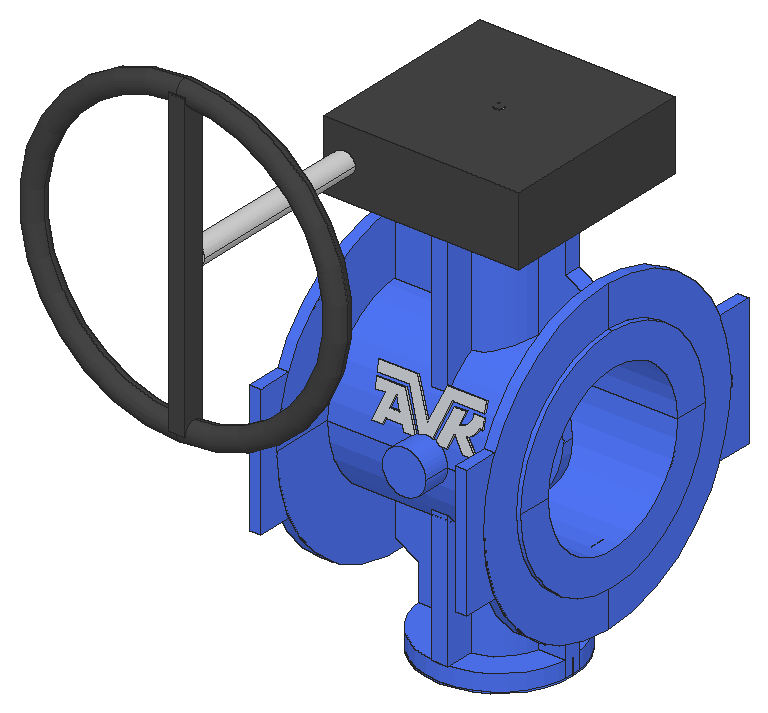
Revit family "756-100-772-DN150-1200", category Pipe Accessories, Revit 2019
Family settings
  Round Connector Dimension = Use Diameter
  Part Type = Valve - Breaks Into
  Work Plane-Based = No
  Always vertical = Yes
  Cut with Voids When Loaded = No
  Shared = No
Parameters (values of type "DN0150_PN25")
  W5(Addon) = if(DN > 699 mm, W5 / 1.075, if(DN > 449 mm, W5 / 1.1, if(DN > 149 mm, W5 / 1.2, W5 / 1.2)))  # 235 mm
  W5 = size_lookup(Search_table, "W5", 0 mm, DN)  # 282 mm
  W4 = size_lookup(Search_table, "W4", 0 mm, DN)  # 6 mm
  W3 = size_lookup(Search_table, "W3", 0 mm, DN)  # 6 mm
  W2 = size_lookup(Search_table, "W2", 0 mm, DN)  # 254 mm
  W1 = size_lookup(Search_table, "W1", 0 mm, DN)  # 162 mm
  URL_product_pages = "https://www.avkvalves.com/P.aspx?no=756015017400009"
  Rib_width_2 = Gear_box_Mount_Flange_width * 2  # 136 mm
  Rib_width = L - (Flange_Thickness * 2)  # 180 mm
  Rib_height_2 = H1 - Flange_OD  # 48 mm
  Rib_depth = if(DN > 149 mm, 15 mm, if(DN > 299 mm, 15 mm, if(DN > 399 mm, 20 mm, 20 mm)))  # 15 mm
  Rib_height = Flange_OD / 1.1  # 129.545 mm
  Rf_Dia = size_lookup(Search_table, "RF_Dia", 0 mm, DN) / 2  # 105.5 mm
  RF_Cut_Thickness = 5 mm  # constant formula
  Pin_width = L / 2  # 105 mm
  Pin_dia = HW_rod_Dia * 2  # 40 mm
  Pin_Depth = (DN + size_lookup(Search_table, "Flange_OD", 0 mm, DN)) / 2  # 217.5 mm
  Offset = size_lookup(Search_table, "Offset", 0 mm, DN)  # 3 mm
  L2 = size_lookup(Search_table, "L2", 0 mm, DN)  # 1 mm
  L1 = size_lookup(Search_table, "L1", 0 mm, DN)  # 1 mm
  L = size_lookup(Search_table, "L", 0 mm, DN)  # 210 mm
  ID (Radius) = DN / 2  # 75 mm
  Hand_wheel_rod = size_lookup(Search_table, "Hand_wheel_rod", 0 mm, DN)  # 36.5 mm
  HW_rod_Dia = size_lookup(Search_table, "HW_rod_Dia", 0 mm, DN)  # 20 mm
  HW_height = W5 - (HW_rod_Dia / 2)  # 272 mm
  HW_Ref = size_lookup(Search_table, "HW_Ref", 0 mm, DN)  # 71 mm
  HW_Connecting_Rib_ref = (W2 + H1) / 2  # 222.25 mm
  HW_Connecting_Rib = D * 2  # 280 mm
  H2 = size_lookup(Search_table, "H2", 0 mm, DN)  # 192 mm
  H1 = size_lookup(Search_table, "H1", 0 mm, DN)  # 190.5 mm
  Gear_box_width = Gear_box_Mount_Flange_width * 1.32  # 89.76 mm
  Flange_Thickness = size_lookup(Search_table, "Flange_Thickness", 0 mm, DN)  # 15 mm
  Flange_OD = size_lookup(Search_table, "Flange_OD", 0 mm, DN) / 2  # 142.5 mm
  Disc_Dia = size_lookup(Search_table, "Disc_Dia", 0 mm, DN)  # 133 mm
  Disc _width = if(DN > 499 mm, 35 mm, if(DN > 399 mm, 25 mm, if(DN > 349 mm, 20 mm, if(DN > 249 mm, 15 mm, if(DN > 149 mm, 10 mm, 10 mm)))))  # 10 mm
  Description_ = "AVK DOUBLE ECC. BUTTERFLY VALVE, LONG"
  DN900_PN25 = "756-0900-1-7400009"
  DN800_PN25 = "756-0800-1-7400009"
  DN700_PN25 = "756-0700-1-7400009"
  DN1200_PN25 = "756-1200-1-7400009"
  DN1000_PN25 = "756-1000-1-7400009"
  DN = 150 mm
  Search_table = "756-100-772-DN150-1200"
  DN600_PN25 = "756-0600-1-7400009"
  DN500_PN25 = "756-0500-1-7400009"
  DN450_PN25 = "756-0450-1-7400009"
  DN400_PN25 = "756-0400-1-7400009"
  DN350_PN25 = "756-0350-1-7400009"
  DN300_PN25 = "756-0300-1-7400009"
  DN250_PN25 = "756-0250-1-7400009"
  DN200_PN25 = "756-0200-1-7400009"
  DN150_PN25 = "756-0150-1-7400009"
  D1 = 12.3 mm  # constant formula
  D = size_lookup(Search_table, "D", 0 mm, DN) / 2 - (HW_rod_Dia / 2)  # 140 mm
  C_rod = if(DN > 499 mm, 34 mm, if(DN > 399 mm, 24 mm, if(DN > 349 mm, 19 mm, if(DN > 249 mm, 14 mm, if(DN > 149 mm, 9 mm, 9 mm)))))  # 9 mm
  Bottom_width = size_lookup(Search_table, "Bottom_width", 0 mm, DN)  # 120 mm
  Bottom_Depth = DN * 1.5  # 225 mm
  Gear_box_Mount_width = size_lookup(Search_table, "Gear_box_Mount_width", 0 mm, DN) * 2  # 43 mm
  Gear_box_Mount_Flange_width = size_lookup(Search_table, "Gear_box_Mount_Flange_width", 0 mm, DN) / 2  # 68 mm
  Gear_box_Mount_Flange_thickness = size_lookup(Search_table, "Gear_box_Mount_Flange_thickness", 0 mm, DN)  # 15 mm
  Body_wallthickness = 10 mm  # constant formula
Types (15, lengths in mm): name | W5(Addon) | W5 | W4 | W3 | W2 | W1 | Rib_width_2 | Rib_width | Rib_height_2 | Rib_height | Rf_Dia | Pin_width | Pin_Depth | Offset | L2 | L1 | L | ID (Radius) | Hand_wheel_rod | HW_height | HW_Ref | HW_Connecting_Rib_ref | HW_Connecting_Rib | H2 | H1 | Gear_box_width | Flange_Thickness | Flange_OD | Disc_Dia | Disc _width | DN | D | C_rod | Bottom_width | Bottom_Depth | Gear_box_Mount_width | Gear_box_Mount_Flange_width | Gear_box_Mount_Flange_thickness
  (no name) | 235 | 282 | 6 | 6 | 254 | 162 | 136 | 180 | 48 | 129.545 | 105.5 | 105 | 217.5 | 3 | 1 | 1 | 210 | 75 | 36.5 | 272 | 71 | 222.25 | 280 | 192 | 190.5 | 89.76 | 15 | 142.5 | 133 | 10 | 150 | 140 | 9 | 120 | 225 | 43 | 68 | 15
  DN0150_PN25 | 235 | 282 | 6 | 6 | 254 | 162 | 136 | 180 | 48 | 129.545 | 105.5 | 105 | 217.5 | 3 | 1 | 1 | 210 | 75 | 36.5 | 272 | 71 | 222.25 | 280 | 192 | 190.5 | 89.76 | 15 | 142.5 | 133 | 10 | 150 | 140 | 9 | 120 | 225 | 43 | 68 | 15
  DN0200_PN25 | 230.833 | 277 | 6 | 6 | 288 | 190 | 136 | 200 | 46.5 | 154.545 | 133 | 115 | 270 | 5 | 1 | 1 | 230 | 100 | 31.5 | 267 | 71 | 252.25 | 230 | 226 | 216.5 | 89.76 | 15 | 170 | 180 | 10 | 200 | 115 | 9 | 140 | 300 | 43 | 68 | 15
  DN0250_PN25 | 255 | 306 | 6 | 6 | 333 | 223 | 124 | 220 | 48 | 184.091 | 159.5 | 125 | 327.5 | 5 | 1 | 1 | 250 | 125 | 31.5 | 296 | 71 | 291.75 | 380 | 268 | 250.5 | 81.84 | 15 | 202.5 | 227 | 15 | 250 | 190 | 14 | 170 | 375 | 37 | 62 | 15
  DN0300_PN25 | 255 | 306 | 115 | 17 | 368 | 253 | 150 | 230 | 51.5 | 209.091 | 185 | 135 | 380 | 6 | 12 | 1 | 270 | 150 | 31 | 296 | 71 | 324.75 | 380 | 303 | 281.5 | 99 | 20 | 230 | 282.17 | 15 | 300 | 190 | 14 | 210 | 450 | 45 | 75 | 20
  DN0350_PN25 | 255 | 306 | 176 | 155 | 393 | 288 | 160 | 250 | 48 | 236.364 | 214.5 | 145 | 435 | 3 | 25 | 19 | 290 | 175 | 30.5 | 296 | 71 | 350.5 | 380 | 331 | 308 | 105.6 | 20 | 260 | 334 | 20 | 350 | 190 | 19 | 210 | 525 | 50 | 80 | 20
  DN0400_PN25 | 255 | 306 | 234 | 217 | 435 | 320 | 150 | 270 | 60 | 263.636 | 240 | 155 | 490 | 3 | 40 | 34 | 310 | 200 | 32 | 296 | 80 | 392.5 | 380 | 373 | 350 | 99 | 20 | 290 | 383 | 25 | 400 | 190 | 24 | 260 | 600 | 45 | 75 | 20
  DN0450_PN25 | 419.091 | 461 | 285 | 270 | 503 | 345 | 185 | 270 | 70 | 290.909 | 265 | 165 | 545 | 3 | 54 | 48 | 330 | 225 | 30 | 451 | 86 | 446.5 | 580 | 411 | 390 | 122.1 | 30 | 320 | 432 | 25 | 450 | 290 | 24 | 280 | 675 | 58 | 92.5 | 30
  DN0500_PN25 | 419.091 | 461 | 338 | 325 | 546 | 375 | 185 | 290 | 90 | 304.545 | 291 | 175 | 585 | 3 | 69 | 63 | 350 | 250 | 30 | 451 | 86 | 485.5 | 580 | 454 | 425 | 122.1 | 30 | 335 | 482.61 | 35 | 500 | 290 | 34 | 320 | 750 | 58 | 92.5 | 30
  DN0600_PN25 | 408.182 | 449 | 435 | 424 | 632 | 430 | 205 | 330 | 120 | 354.545 | 341 | 195 | 690 | 3 | 98 | 92 | 390 | 300 | 31.5 | 439 | 104 | 571 | 680 | 541 | 510 | 135.3 | 30 | 390 | 579 | 35 | 600 | 340 | 34 | 400 | 900 | 62.5 | 102.5 | 30
  DN0700_PN25 | 530.233 | 570 | 537 | 527 | 706 | 483 | 204 | 350 | 80 | 413.636 | 397 | 215 | 805 | 3 | 130 | 124 | 430 | 350 | 33 | 560 | 110 | 620.5 | 680 | 566 | 535 | 134.64 | 40 | 455 | 684 | 35 | 700 | 340 | 34 | 427 | 1050 | 62 | 102 | 30
  DN0800_PN25 | 530.233 | 570 | 635 | 626 | 815 | 546 | 223 | 390 | 107.5 | 465.909 | 450 | 235 | 912.5 | 3 | 161 | 155 | 470 | 400 | 36 | 560 | 125 | 717.5 | 680 | 650 | 620 | 147.18 | 40 | 512.5 | 786.5 | 35 | 800 | 340 | 34 | 460 | 1200 | 68 | 111.5 | 40
  DN0900_PN25 | 530.233 | 570 | 729 | 721 | 865 | 593 | 241 | 430 | 112 | 510.909 | 500 | 255 | 1012 | 3 | 191 | 185 | 510 | 450 | 39 | 560 | 128 | 769.5 | 680 | 701 | 674 | 159.06 | 40 | 562 | 886.5 | 35 | 900 | 340 | 34 | 524 | 1350 | 74 | 120.5 | 40
  DN1000_PN25 | 530.233 | 570 | 824 | 813 | 935 | 663 | 259 | 470 | 117.5 | 570.455 | 556 | 275 | 1127.5 | 3 | 222 | 216 | 550 | 500 | 42 | 560 | 130 | 840 | 680 | 771 | 745 | 170.94 | 40 | 627.5 | 988 | 35 | 1000 | 340 | 34 | 588 | 1500 | 80 | 129.5 | 40
  DN1200_PN25 | 586.512 | 630.5 | 987 | 982 | 1031 | 768 | 277 | 550 | 107.5 | 675 | 666 | 315 | 1342.5 | 3 | 272 | 268 | 630 | 600 | 45 | 620.5 | 128 | 940.5 | 680 | 899 | 850 | 182.82 | 40 | 742.5 | 1172.5 | 35 | 1200 | 340 | 34 | 653 | 1800 | 84 | 138.5 | 40
Reference planes
  plane 1 "Center (Front/Back)": y = 0
  plane 2: z = 0
  plane 3 "Center (Left/Right)": x = 0
  plane 4: y = 75
  plane 5: y = 85
  plane 6: x = 105
  plane 7: x = 90
  plane 8: x = -90
  plane 9: x = -105
  plane 10: z = 190.5
  plane 11: x = 68
  plane 12: z = 175.5
  plane 13: z = -190.5
  plane 14: x = 68
  plane 15: z = -175.5
  plane 16: x = 43
  plane 17: x = 68
  plane 18: x = -68
  plane 19: z = 190.5
  plane 20: z = 142.5
  plane 21: z = 75
  plane 22: x = 90
  plane 23: x = -90
  plane 24: z = 129.545
  plane 25: y = 7.5
  plane 26: y = -7.5
  plane 27: x = 68
  plane 28: x = -68
  plane 29: z = -190.5
  plane 30: z = -142.5
  plane 31: z = -75
  plane 32: x = 90
  plane 33: x = -90
  plane 34: z = -129.545
  plane 35: y = 68
  plane 36: y = -68
  plane 37: x = -7.5
  plane 38: x = 7.5
  plane 39: z = 60
  plane 40: z = -60
  plane 41: y = -162
  plane 42: y = 162
  plane 43: z = 254
  plane 44: x = -89.76
  plane 45: x = 89.76
  plane 46: y = 89.76
  plane 47: y = -89.76
  plane 48: y = -282
  plane 49: y = -262
  plane 50: z = -192
  plane 51: z = 254
  plane 52: x = 43
  plane 53: y = 75
  plane 54: y = -75
  plane 55: y = 108.75
  plane 56: y = -108.75
  plane 57: x = -71
  plane 58: z = 222.25
  plane 59: x = -403
  plane 60: x = -3
  plane 61: z = 86.159
  plane 62: z = -77.255
  plane 63: y = -5
  plane 64: y = 5
  plane 65: z = 369.956
  plane 66: z = -319.045
  plane 67: z = -4.897
  plane 68: z = 3
  plane 69: z = -3
  plane 70: y = -235
  plane 71: z = 57.131
  plane 72: z = -57.131
  plane 73: z = -3
  plane 74: z = 3
  plane 75: z = 228.4
  plane 76: z = 216.1
  plane 77: y = -272
Forms (mm)
  Revolve 1, solid, material "Plastic"
    sketch origin (0, 0, 0) x (1, 0, 0) y (0, 1, 0)
      loop
        line (-90, 85) -> (-90, 142.5) -> (-105, 142.5) -> (-105, 75) -> (105, 75) -> (105, 142.5) -> (90, 142.5) -> (90, 85) -> (-90, 85)
      axis (-105, 0) -> (105, 0)
    angle from 0 to 360
  Revolve 2, solid, material "Plastic"
    sketch origin (0, 0, 0) x (1, 0, 0) y (0, 0, 1)
      loop
        line (43, 175.5) -> (68, 175.5) -> (68, 190.5) -> (0, 190.5) -> (0, 75) -> (43, 75) -> (43, 175.5)
      axis (0, 75) -> (0, 190.5)
    angle from 0 to 360
  Revolve 3, solid, material "Plastic"
    sketch origin (0, 0, 0) x (1, 0, 0) y (0, 0, -1)
      loop
        line (43, 75) -> (43, 175.5) -> (68, 175.5) -> (68, 190.5) -> (0, 190.5) -> (0, 75) -> (43, 75)
      axis (0, 75) -> (0, 190.5)
    angle from 0 to 360
  Revolve 4, solid, material "Plastic"
    sketch origin (0, 0, 0) x (1, 0, 0) y (0, 0, 1)
      loop
        line (0, -190.5) -> (0, -192) -> (68, -192) -> (68, -190.5) -> (0, -190.5)
      axis (0, -192) -> (0, -190.5)
    angle from 0 to 360
  Extrusion 5, solid, material "Plastic"
    sketch origin (0, 0, 0) x (1, 0, 0) y (0, 0, 1)
      loop
        line (68, 190.5) -> (-68, 190.5) -> (-68, 142.5) -> (-90, 129.545) -> (-90, 75) -> (90, 75) -> (90, 129.545) -> (68, 142.5) -> (68, 190.5)
    from -7.5 to 7.5
  Extrusion 6, solid, material "Plastic"
    sketch origin (0, 0, 0) x (1, 0, 0) y (0, 0, 1)
      loop
        line (68, -190.5) -> (68, -142.5) -> (90, -129.545) -> (90, -75) -> (-90, -75) -> (-90, -129.545) -> (-68, -142.5) -> (-68, -190.5) -> (68, -190.5)
    from -7.5 to 7.5
  Extrusion 7, solid, material "Plastic"
    sketch origin (0, 0, 0) x (0, 1, 0) y (0, 0, 1)
      loop
        line (68, 175.5) -> (-68, 175.5) -> (-68, -175.5) -> (68, -175.5) -> (68, 175.5)
    from -7.5 to 7.5
  Extrusion 8, solid, material "Plastic"
    sketch origin (0, 0, 0) x (0, 1, 0) y (0, 0, 1)
      loop
        line (162, -60) -> (162, 60) -> (129.253, 60)
        arc (129.253, 60) -> (139.149, 30.723) -> (142.5, 0) r 142.5
        arc (142.5, 0) -> (139.149, -30.723) -> (129.253, -60) r 142.5
        line (129.253, -60) -> (162, -60)
      loop
        line (-162, 60) -> (-162, -60) -> (-129.253, -60)
        arc (-129.253, -60) -> (-139.149, -30.723) -> (-142.5, 0) r 142.5
        arc (-142.5, 0) -> (-139.149, 30.723) -> (-129.253, 60) r 142.5
        line (-129.253, 60) -> (-162, 60)
    from 90 to 105
  Extrusion 9, void
    sketch origin (0, 0, 0) x (0, 1, 0) y (0, 0, 1)
      loop
        circle (0, 0) r 75
    from -105 to 105
  Extrusion 10, solid, material "Plastic"
    sketch origin (0, 0, 0) x (0, 1, 0) y (0, 0, -1)
      loop
        line (-162, -60) -> (-129.253, -60)
        arc (-129.253, -60) -> (-139.149, -30.723) -> (-142.5, 0) r 142.5
        arc (-142.5, 0) -> (-139.149, 30.723) -> (-129.253, 60) r 142.5
        line (-129.253, 60) -> (-162, 60) -> (-162, -60)
      loop
        line (162, 60) -> (129.253, 60)
        arc (129.253, 60) -> (139.149, 30.723) -> (142.5, 0) r 142.5
        arc (142.5, 0) -> (139.149, -30.723) -> (129.253, -60) r 142.5
        line (129.253, -60) -> (162, -60) -> (162, 60)
    from 90 to 105
  Extrusion 11, solid, material "Plastic(1)"
    sketch origin (0, 0, 0) x (1, 0, 0) y (0, 0, 1)
      loop
        line (-89.76, 190.5) -> (89.76, 190.5) -> (89.76, 254) -> (-89.76, 254) -> (-89.76, 190.5)
    from -89.76 to 89.76
  Extrusion 12, solid, material "Stainless Steel AISI 304(1)"
    sketch origin (0, 0, 0) x (1, 0, 0) y (0, 0, 1)
      loop
        circle (-71, 222.25) r 10
    from 0 to 262
  Extrusion 13, solid, material "Plastic"
    sketch origin (0, 0, 0) x (1, 0, 0) y (0, 0, 1)
      loop
        circle (0, 0) r 20
    from -108.75 to -75
  Extrusion 14, solid, material "Plastic"
    sketch origin (0, 0, 0) x (1, 0, 0) y (0, 0, 1)
      loop
        circle (0, 0) r 20
    from 108.75 to 75
  Extrusion 15, solid, material "Plastic"
    sketch origin (0, 0, 0) x (1, 0, 0) y (0, 0, 1)
      loop
        circle (-3, 0) r 66.5
    from -5 to 5
  Extrusion 16, solid
    sketch origin (0, 0, 0) x (1, 0, 0) y (0, 1, 0)
      loop
        circle (0, 0) r 4.5
    from -192 to 254
  Revolve 17, void
    sketch origin (0, 0, 0) x (1, 0, 0) y (0, 0, 1)
      loop
        line (100, 192) -> (100, 105.5) -> (105, 105.5) -> (105, 192) -> (100, 192)
      loop
        line (-100, 192) -> (-105, 192) -> (-105, 105.5) -> (-100, 105.5) -> (-100, 192)
      axis (-105, 0) -> (105, 0)
    angle from 0 to 360
  Revolve 18, solid, material "Plastic(1)"
    sketch origin (-71, -1524, 372.903) x (0, 0, 1) y (0, -1, 0)
      loop
        circle (-10.653, -1252) r 10
      axis (-150.653, -1252) -> (-150.653, -1251)
    angle from 0 to 360
  Extrusion 19, solid, material "Plastic(1)"
    sketch origin (0, 0, 0) x (1, 0, 0) y (0, 0, 1)
      loop
        line (-78.5, 362.25) -> (-78.5, 82.25) -> (-63.5, 82.25) -> (-63.5, 362.25) -> (-78.5, 362.25)
    from 282 to 262
Cuts and joins
  Extrusion 9, Revolve 17 cuts Revolve 1
  Extrusion 9 cuts Extrusion 7
  Extrusion 9, Revolve 17 cuts Extrusion 8
  Revolve 17 cuts Extrusion 10
Dimensions and locks
  equal spacing: plane 9, plane 3 "Center (Left/Right)", plane 6
  "L": plane 9 to plane 6
  "ID (Radius)": plane 4 to plane 1 "Center (Front/Back)"
  "Body_wallthickness": plane 5 to plane 4
  "Flange_Thickness": plane 7 to plane 6
  "Flange_Thickness": plane 9 to plane 8
  "Flange_OD": plane 1 "Center (Front/Back)" to Revolve 1 sketch curve
  "H1": plane 10 to level
  "Gear_box_Mount_Flange_thickness": plane 10 to plane 12
  "ID (Radius)": Revolve 2 sketch curve to level
  "Gear_box_Mount_Flange_width": plane 3 "Center (Left/Right)" to plane 11
  "Gear_box_Mount_Flange_thickness": plane 13 to plane 15
  "H1": level to plane 13
  "ID (Radius)": level to Revolve 3 sketch curve
  "Gear_box_Mount_Flange_width": Revolve 4 sketch curve to Revolve 4 sketch curve
  "ID (Radius)": plane 21 to level
  "H1": plane 19 to level
  "Gear_box_Mount_Flange_width": plane 3 "Center (Left/Right)" to plane 17
  "Gear_box_Mount_Flange_width": plane 18 to plane 3 "Center (Left/Right)"
  "Rib_height": plane 24 to level
  equal spacing: plane 25, plane 1 "Center (Front/Back)", plane 26
  "Rib_depth": plane 25 to plane 26
  equal spacing: plane 22, plane 3 "Center (Left/Right)", plane 23
  "Rib_width": plane 22 to plane 23
  "Rib_height_2": plane 19 to plane 20
  "Rib_height_2": plane 29 to plane 30
  "Rib_height": level to plane 34
  "Gear_box_Mount_Flange_width": plane 28 to plane 3 "Center (Left/Right)"
  "Gear_box_Mount_Flange_width": plane 3 "Center (Left/Right)" to plane 27
  "ID (Radius)": level to plane 31
  "H1": level to plane 29
  equal spacing: plane 32, plane 3 "Center (Left/Right)", plane 33
  "Rib_width": plane 32 to plane 33
  equal spacing: plane 35, plane 1 "Center (Front/Back)", plane 36
  equal spacing: plane 37, plane 3 "Center (Left/Right)", plane 38
  "Rib_depth": plane 37 to plane 38
  equal spacing: plane 42, plane 1 "Center (Front/Back)", plane 41
  "W1": plane 1 "Center (Front/Back)" to plane 41
  "W1": plane 42 to plane 1 "Center (Front/Back)"
  "Bottom_width": plane 39 to plane 40
  equal spacing: plane 39, level, plane 40
  "W2": plane 43 to level
  equal spacing: plane 45, plane 3 "Center (Left/Right)", plane 44
  equal spacing: plane 46, plane 1 "Center (Front/Back)", plane 47
  "Rib_width_2": plane 35 to plane 36
  "Gear_box_width": plane 45 to plane 3 "Center (Left/Right)"
  "Gear_box_width": plane 1 "Center (Front/Back)" to plane 47
  "W5": plane 1 "Center (Front/Back)" to plane 48  (x2)
  "H2": level to Revolve 4 sketch curve
  "HW_rod_Dia": plane 49 to plane 48
  "H2": level to plane 50
  "W2": plane 51 to level
  "W1": plane 1 "Center (Front/Back)" to Extrusion 10
  "Gear_box_Mount_width": plane 52 to plane 3 "Center (Left/Right)"
  "Gear_box_Mount_width": plane 3 "Center (Left/Right)" to plane 16
  "Gear_box_Mount_Flange_width": plane 3 "Center (Left/Right)" to plane 14
  "Pin_width": cut or joined group of Extrusion 8, Extrusion 9, Revolve 17 to Extrusion 13 sketch curve
  "H2": Extrusion 13 sketch curve to Revolve 4
  equal spacing: plane 53, plane 1 "Center (Front/Back)", plane 54
  "DN": plane 53 to plane 54
  equal spacing: plane 55, plane 1 "Center (Front/Back)", plane 56
  "Pin_Depth": plane 55 to plane 56
  "HW_Ref": plane 3 "Center (Left/Right)" to Extrusion 12 sketch curve
  "HW_Ref": plane 3 "Center (Left/Right)" to plane 57
  "HW_Connecting_Rib_ref": plane 58 to level
  plane 3 "Center (Left/Right)" to plane 59 = 403 mm
  cut or joined group of Revolve 1, Extrusion 9, Revolve 17 to cut or joined group of Revolve 1, Extrusion 9, Revolve 17 = 210 mm  (x2)
  "Offset": plane 60 to plane 3 "Center (Left/Right)"
  plane 61 to plane 62 = 163.413 mm
  cut or joined group of Revolve 1, Extrusion 9, Revolve 17 to Extrusion 15 = 35.5 mm
  Extrusion 15 to cut or joined group of Revolve 1, Extrusion 9, Revolve 17 = 41.5 mm
  equal spacing: plane 64, plane 1 "Center (Front/Back)", plane 63
  equal spacing: cut or joined group of Revolve 1, Extrusion 9, Revolve 17, Extrusion 16 sketch curve, cut or joined group of Revolve 1, Extrusion 9, Revolve 17
  equal spacing: plane 53, Extrusion 16 sketch curve, plane 54
  plane 65 to Extrusion 11 = 115.956 mm
  Revolve 4 to plane 66 = 127.045 mm
  "Disc _width": plane 64 to plane 63
  "HW_Connecting_Rib_ref": Extrusion 12 sketch curve to level
  "H2": Revolve 17 sketch curve to level
  "Rf_Dia": Revolve 17 sketch curve to level
  "RF_Cut_Thickness": Revolve 17 sketch curve to Revolve 17 sketch curve  (x2)
  "W5(Addon)": plane 1 "Center (Front/Back)" to plane 70
  plane 71 to plane 72 = 114.262 mm
  "W3": plane 68 to plane 73
  "W4": plane 74 to plane 69
  equal spacing: plane 74, level, plane 69
  equal spacing: plane 68, level, plane 73
  "D1": plane 76 to plane 75
  equal spacing: plane 76, plane 58, plane 75
  "HW_height": plane 1 "Center (Front/Back)" to Revolve 18 sketch curve
  "D": Revolve 18 sketch curve to plane 58
  "HW_height": plane 1 "Center (Front/Back)" to plane 77
  equal spacing: Extrusion 19 sketch curve, plane 57, Extrusion 19 sketch curve
  "Rib_depth": Extrusion 19 sketch curve to Extrusion 19 sketch curve
  equal spacing: Extrusion 19 sketch curve, plane 58, Extrusion 19 sketch curve
  "HW_Connecting_Rib": Extrusion 19 sketch curve to Extrusion 19 sketch curve
  plane 1 "Center (Front/Back)" to plane 48 = 282 mm
  "Pin_dia": diameter of Extrusion 13 sketch curve
  "HW_rod_Dia": diameter of Extrusion 12 sketch curve
  "Disc_Dia": diameter of Extrusion 15 sketch curve
  "C_rod": diameter of Extrusion 16 sketch curve
  "HW_rod_Dia": diameter of Revolve 18 sketch curve
  aligned and locked: level to plane 2
  aligned and locked: plane 4 to Revolve 1 sketch curve
  aligned and locked: plane 5 to Revolve 1 sketch curve
  aligned and locked: Revolve 1 sketch curve to plane 6
  aligned and locked: plane 7 to Revolve 1 sketch curve
  aligned and locked: Revolve 1 sketch curve to plane 8
  aligned and locked: plane 9 to Revolve 1 sketch curve
  aligned and locked: Revolve 1 sketch curve to Revolve 1 sketch curve
  aligned and locked: plane 1 "Center (Front/Back)" to Revolve 1 sketch curve
  aligned and locked: Revolve 2 sketch curve to Revolve 2 sketch curve
  aligned and locked: plane 10 to Revolve 2 sketch curve
  aligned and locked: plane 11 to Revolve 2 sketch curve  (x2)
  aligned and locked: plane 12 to Revolve 2 sketch curve
  aligned and locked: Revolve 2 sketch curve to plane 3 "Center (Left/Right)"
  aligned and locked: Revolve 3 sketch curve to plane 14
  aligned and locked: plane 13 to Revolve 3 sketch curve
  aligned and locked: plane 3 "Center (Left/Right)" to Revolve 4 sketch curve  (x2)
  aligned and locked: plane 17 to Extrusion 5 sketch curve  (x2)
  aligned and locked: plane 19 to Extrusion 5 sketch curve  (x2)
  aligned and locked: plane 18 to Extrusion 5 sketch curve  (x2)
  aligned and locked: plane 20 to Extrusion 5 sketch curve  (x2)
  aligned and locked: plane 24 to Extrusion 5 sketch curve  (x2)
  aligned and locked: plane 22 to Extrusion 5 sketch curve
  aligned and locked: plane 23 to Extrusion 5 sketch curve
  aligned and locked: Extrusion 5 sketch curve to plane 23
  aligned and locked: plane 21 to Extrusion 5 sketch curve
  aligned and locked: Extrusion 5 sketch curve to plane 22
  aligned and locked: plane 25 to Extrusion 5
  aligned and locked: Extrusion 5 to plane 26
  aligned and locked: Extrusion 6 sketch curve to plane 27
  aligned and locked: plane 27 to Extrusion 6 sketch curve
  aligned and locked: Extrusion 6 sketch curve to plane 32  (x2)
  aligned and locked: Extrusion 6 sketch curve to plane 33  (x2)
  aligned and locked: Extrusion 6 sketch curve to plane 31
  aligned and locked: plane 31 to Extrusion 6 sketch curve
  aligned and locked: plane 34 to Extrusion 6 sketch curve  (x2)
  aligned and locked: Extrusion 6 sketch curve to plane 28
  aligned and locked: plane 30 to Extrusion 6 sketch curve  (x2)
  aligned and locked: plane 29 to Extrusion 6 sketch curve  (x2)
  aligned and locked: plane 28 to Extrusion 6 sketch curve
  aligned and locked: plane 35 to Extrusion 7 sketch curve
  aligned and locked: plane 36 to Extrusion 7 sketch curve
  aligned and locked: Extrusion 7 sketch curve to Revolve 2
  aligned and locked: Extrusion 7 to plane 38
  aligned and locked: plane 37 to Extrusion 7
  aligned and locked: plane 39 to Extrusion 8 sketch curve  (x4)
  aligned and locked: Extrusion 8 to Revolve 1  (x2)
  aligned and locked: Extrusion 9 sketch curve to Revolve 1  (x2)
  aligned and locked: plane 41 to Extrusion 8 sketch curve  (x2)
  aligned and locked: plane 40 to Extrusion 8 sketch curve  (x2)
  aligned and locked: plane 42 to Extrusion 8 sketch curve  (x2)
  aligned and locked: Extrusion 8 sketch curve to cut or joined group of Revolve 1, Extrusion 9, Revolve 17  (x4)
  aligned and locked: Extrusion 10 sketch curve to cut or joined group of Extrusion 8, Extrusion 9, Revolve 17  (x6)
  aligned and locked: Extrusion 10 sketch curve to cut or joined group of Revolve 1, Extrusion 9, Revolve 17  (x3)
  aligned and locked: Extrusion 10 to Extrusion 5
  aligned and locked: Extrusion 10 to cut or joined group of Revolve 1, Extrusion 9, Revolve 17
  aligned and locked: Extrusion 11 sketch curve to Revolve 2
  aligned and locked: plane 44 to Extrusion 11 sketch curve
  aligned and locked: plane 43 to Extrusion 11 sketch curve  (x2)
  aligned and locked: plane 45 to Extrusion 11 sketch curve
  aligned and locked: Extrusion 11 to plane 47
  aligned and locked: plane 46 to Extrusion 11
  aligned and locked: plane 52 to Revolve 2 sketch curve  (x2)
  aligned and locked: plane 16 to Revolve 3 sketch curve
  aligned and locked: plane 15 to Revolve 3 sketch curve  (x2)
  aligned and locked: Revolve 3 sketch curve to plane 3 "Center (Left/Right)"
  aligned and locked: plane 3 "Center (Left/Right)" to Revolve 3 sketch curve
  aligned and locked: Revolve 3 sketch curve to Revolve 3 sketch curve
  aligned and locked: plane 14 to Revolve 3 sketch curve
  aligned and locked: Extrusion 13 to plane 53
  aligned and locked: Extrusion 14 sketch curve to Extrusion 13  (x2)
  aligned and locked: plane 54 to Extrusion 14
  aligned and locked: Extrusion 13 to plane 55
  aligned and locked: plane 56 to Extrusion 14
  aligned and locked: Extrusion 9 to Revolve 1  (x2)
  aligned and locked: Extrusion 11 to Extrusion 16
  aligned and locked: Extrusion 16 to Revolve 4
  aligned and locked: Extrusion 15 to plane 64
  aligned and locked: Extrusion 15 to plane 63
  aligned and locked: Revolve 17 sketch curve to cut or joined group of Revolve 1, Extrusion 9, Revolve 17  (x2)
  aligned and locked: Revolve 17 sketch curve to Revolve 17 sketch curve  (x2)
  aligned and locked: Revolve 17 sketch curve to plane 2
  aligned and locked: Revolve 4 to Revolve 3
  aligned and locked: cut or joined group of Extrusion 7, Extrusion 9 to Revolve 3
  aligned and locked: plane 3 "Center (Left/Right)" to nested 1
  aligned and locked: plane 58 to Revolve 18 sketch curve
  aligned and locked: Extrusion 19 to plane 48
  aligned and locked: plane 49 to Extrusion 19
  aligned and locked: Extrusion 12 to plane 49
Automatic sketch dimensions
  Extrusion 10 sketch curve to Extrusion 10 sketch curve = 0 mm
  plane 8 to Revolve 1 sketch curve = 6 mm
  Revolve 1 sketch curve to plane 38 = 19.183 mm
  Revolve 2 sketch curve to plane 51 = 3.25 mm
  Revolve 2 sketch curve to plane 51 = 0.5 mm
  plane 72 to Revolve 3 sketch curve = 0.213 mm
  plane 50 to Revolve 3 sketch curve = 4.5 mm
  plane 50 to Revolve 4 sketch curve = 1.5 mm
  Revolve 4 sketch curve to Revolve 4 sketch curve = 2 mm
  plane 69 to Revolve 4 sketch curve = 0.5 mm
  plane 50 to Extrusion 7 sketch curve = 16.5 mm
  Extrusion 15 sketch curve to level = 0 mm
  plane 60 to Extrusion 15 sketch curve = 0 mm
  plane 37 to Revolve 17 sketch curve = 22.5 mm
  Revolve 17 sketch curve to plane 38 = 37.5 mm
  plane 48 to Revolve 18 sketch curve = 1 mm
  Revolve 18 sketch curve to Revolve 18 sketch curve = 3 mm
Nested families
  nested 1: "LOGO 100" at (0, -83.594, 15.394) x (1, 0, 0) z (0, -0.9835, 0.1811), type "LOGO 100"
Connectors
  piping at (-105, 0, 0), diameter 150, driven by "DN"
    settings: on Revolve 1, index 1, connector inside diameter 609.6 mm, connector length 0 mm, flow factor 0, pipe flow 0.0 L/s, pressure drop 0.0 Pa, fitting loss kfactor 0, connector angle 0.00°, fixture units 0, engagement length 0 mm, angle of deflection 0.00°, flow configuration 0, flow direction 0, fitting loss method 0, system type 7, joint type 0, gender type 0, connector reference index -1, connector utility 0, adjustable connector no, is connector primary yes, connector description ""
  piping at (105, 0, 0), diameter 150, driven by "DN"
    settings: on Revolve 1, index 2, connector inside diameter 609.6 mm, connector length 0 mm, flow factor 0, pipe flow 0.0 L/s, pressure drop 0.0 Pa, fitting loss kfactor 0, connector angle 0.00°, fixture units 0, engagement length 0 mm, angle of deflection 0.00°, flow configuration 0, flow direction 0, fitting loss method 0, system type 7, joint type 0, gender type 0, connector reference index -1, connector utility 0, adjustable connector no, is connector primary no, connector description ""
Definition of nested family "LOGO 100"
  Parameters (values of type "LOGO 100")
    Default Elevation = 1219.2 mm
    DN100 = yes
  Reference planes
    plane 1 "Center (Front/Back)": y = 0
    plane 2: z = 0
    plane 3 "Center (Left/Right)": x = 0
  Forms (mm)
    Extrusion 1, solid
      sketch origin (0, 0, 0) x (1, 0, 0) y (0, 1, 0)
        loop
          line (-1219.2, 1219.2) -> (-1219.2, -1219.2) -> (1219.2, -1219.2) -> (1219.2, 1219.2) -> (-1219.2, 1219.2)
      from 0 to -304.8
    Extrusion 2, solid, visible <- "DN100"
      sketch origin (0, 0, 0) x (1, 0, 0) y (0, 1, 0)
        loop
          line (-13.414, 47.067) -> (-49.421, 47.067) -> (-49.421, 37.301) -> (-20.11, 37.301) -> (-4.923, 0) -> (4.923, 0) -> (20.11, 37.301) -> (49.421, 37.301) -> (49.421, 47.067) -> (13.414, 47.067) -> (0, 14.12) -> (-13.414, 47.067)
        loop
          line (-49.421, 24.122) -> (-40.161, 24.122) -> (-49.421, 0) -> (-38.959, 0) -> (-36.972, 5.177) -> (-21.641, 5.177) -> (-19.533, 0) -> (-8.989, 0) -> (-22.642, 33.536) -> (-49.421, 33.536) -> (-49.421, 24.122)
        loop
          line (-34.548, 14.12) -> (-25.282, 14.12) -> (-30.051, 25.833) -> (-34.548, 14.12)
        loop
          line (22.642, 33.536) -> (8.989, 0) -> (19.533, 0) -> (24.902, 13.186) -> (34.838, 0) -> (47.067, 0) -> (35.829, 14.914)
          arc (35.829, 14.914) -> (42.384, 18.149) -> (46.597, 24.122) r 14.826
          line (46.597, 24.122) -> (49.421, 24.122) -> (49.421, 33.536) -> (40.007, 33.536)
          arc (40.007, 33.536) -> (36.577, 25.039) -> (28.208, 21.306) r 12.238
          line (28.208, 21.306) -> (33.187, 33.536) -> (22.642, 33.536)
      from 0 to 1
  Dimensions and locks
    aligned and locked: plane 2 to Extrusion 1
    aligned and locked: level to Extrusion 1
